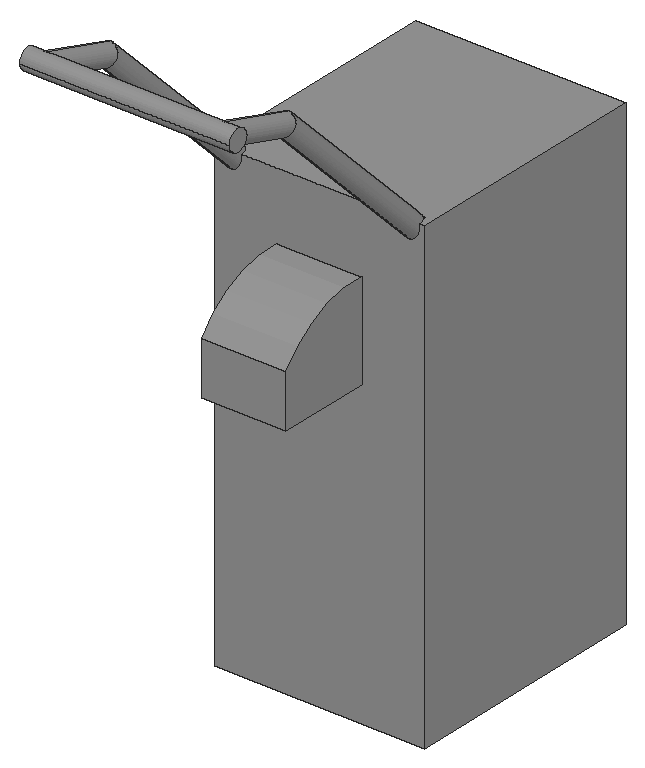
Revit family "Диспенсер локтевой для дезинфецирующих средств", category Оборудование, Revit 2017
Family settings
  Размер круглого соединителя = Использовать диаметр
  Тип детали = Нормальный
  На основе рабочей плоскости = Нет
  Всегда вертикально = Да
  При загрузке вырезать с полостями = Нет
  Общий = Нет
  Точка расчета площади = Нет
Parameters (values of type "320х240х100")
  Общ_Ширина = 100.0 mm
  Общ_Тип, марка = "ДУ 010"
  Общ_Примечание = ""
  Общ_Поставщик = "БелАсептика"
  Общ_Позиция = "36"
  Общ_Наименование = "Дозатор локтевой для жидкого мыла и дезинфецирующих средств"
  Общ_Масса = ""
  Общ_Код продукции = ""
  Общ_Единицы измерения = "шт."
  Общ_Глубина = 240.0 mm
  Общ_Высота = 320.0 mm
  Keynote = ""
  Manufacturer = ""
  Model = ""
Reference planes
  plane 1 "По центру (Вперед/Назад)": y = 0
  plane 2: z = 0
  plane 3 "По центру (Влево/Вправо)": x = 0
  plane 4: x = -50
  plane 5: x = 50
  plane 6: y = 120
  plane 7: y = -120
  plane 8: z = 320
Forms (mm)
  Extrusion 1, solid, material "Пластмасса, непрозрачная, белая", detail levels medium+fine
    sketch origin (0, 0, 0) x (1, 0, 0) y (0, 1, 0)
      loop
        line (-50, 120) -> (-50, 0) -> (50, 0) -> (50, 120) -> (-50, 120)
    from 0 to 223.429
  Sweep 2, solid, material "Пластмасса, непрозрачная, белая", detail levels medium+fine
    path origin (0, 8.75, -11.25) x (0, 1, 0) y (0, 0, 1)
      loop
        line (15.925, 209.121) -> (-83.07, 308.116) -> (-120, 320)
    profile origin (0, -24.822, 247.369) x (0, -0.707107, -0.707107) y (1, 0, 0)
      loop
        circle (0, -42.5) r 5
  Extrusion 3, solid, material "Пластмасса, непрозрачная, белая", detail levels medium+fine
    sketch origin (0, 0, 0) x (0, 1, 0) y (0, 0, 1)
      loop
        circle (-111.25, 308.75) r 5
    from -50 to 50
  Sweep 4, solid, material "Пластмасса, непрозрачная, белая", detail levels medium+fine
    path origin (0, 8.75, -11.25) x (0, 1, 0) y (0, 0, -1)
      loop
        line (15.925, -209.121) -> (-83.07, -308.116) -> (-120, -320)
    profile origin (0, -24.822, 247.369) x (0, 0.707107, 0.707107) y (-1, 0, 0)
      loop
        circle (0, -42.5) r 5
  Extrusion 5, solid, material "Пластмасса, непрозрачная, белая", detail levels medium+fine
    sketch origin (0, 0, 0) x (0, 1, 0) y (0, 0, 1)
      loop
        line (0, 145) -> (0, 190.984)
        arc (0, 190.984) -> (-25.29, 186.476) -> (-45, 170) r 49.977
        line (-45, 170) -> (-45, 145) -> (0, 145)
    from -20.222 to 20
Lines and regions (mm)
  symbolic lines, detail levels coarse+medium
    curve 1: line (50, -120, 0) -> (-50, -120, 0)
    curve 2: line (50, 120, 0) -> (50, -120, 0)
    curve 3: line (-50, 120, 0) -> (50, 120, 0)
    curve 4: line (-50, -120, 0) -> (-50, 120, 0)
    curve 5: line (-13.163, -120, 0) -> (0, -101.201, 0)
    curve 6: line (13.163, -120, 0) -> (0, -101.201, 0)
Dimensions and locks
  equal spacing: plane 4, plane 3 "По центру (Влево/Вправо)", plane 5
  "Общ_Ширина": plane 4 to plane 5
  equal spacing: plane 6, plane 1 "По центру (Вперед/Назад)", plane 7
  "Общ_Глубина": plane 6 to plane 7
  "Общ_Высота": plane 8 to plane 2
  aligned and locked: level to plane 2
Automatic sketch dimensions
  curve 1 to plane 4 = 0.0 mm
  curve 5 to plane 7 = 0.0 mm
  curve 5 to plane 3 "По центру (Влево/Вправо)" = 0.0 mm
  curve 2 to plane 5 = 0.0 mm
  curve 3 to plane 6 = 0.0 mm
  plane 7 to curve 5 = 18.799 mm
  curve 5 to plane 3 "По центру (Влево/Вправо)" = 13.163 mm
  plane 3 "По центру (Влево/Вправо)" to curve 6 = 13.163 mm
  plane 1 "По центру (Вперед/Назад)" to Extrusion 1 sketch curve = 0.0 mm
  Extrusion 1 sketch curve to plane 4 = 0.0 mm
  Extrusion 1 sketch curve to plane 5 = 0.0 mm
  Extrusion 1 sketch curve to plane 6 = 0.0 mm
  plane 7 to Sweep 2 sketch curve = 45.68 mm
  Sweep 2 sketch curve to plane 8 = 23.134 mm
  plane 7 to Sweep 2 sketch curve = 8.75 mm
  Sweep 2 sketch curve to plane 1 "По центру (Вперед/Назад)" = 24.675 mm
  Sweep 2 sketch curve to plane 8 = 122.129 mm
  Sweep 2 sketch curve to plane 8 = 11.25 mm
  Sweep 2 sketch curve to profile plane = 0.0 mm
  Sweep 2 sketch curve to plane 3 "По центру (Влево/Вправо)" = 42.5 mm
  plane 7 to Extrusion 3 sketch curve = 8.75 mm
  Extrusion 3 sketch curve to plane 8 = 11.25 mm
  plane 7 to Sweep 4 sketch curve = 45.68 mm
  Sweep 4 sketch curve to plane 8 = 23.134 mm
  plane 7 to Sweep 4 sketch curve = 8.75 mm
  Sweep 4 sketch curve to plane 1 "По центру (Вперед/Назад)" = 24.675 mm
  Sweep 4 sketch curve to plane 8 = 11.25 mm
  Sweep 4 sketch curve to plane 8 = 122.129 mm
  profile plane to Sweep 4 sketch curve = 0.0 mm
  Sweep 4 sketch curve to profile plane = 42.5 mm
  Extrusion 5 sketch curve to plane 1 "По центру (Вперед/Назад)" = 0.0 mm
  plane 1 "По центру (Вперед/Назад)" to Extrusion 5 sketch curve = 4.169 mm
  plane 1 "По центру (Вперед/Назад)" to Extrusion 5 sketch curve = 45.0 mm
  level to Extrusion 5 sketch curve = 141.182 mm
  Extrusion 5 sketch curve to Extrusion 5 sketch curve = 3.818 mm
  Extrusion 5 sketch curve to Extrusion 5 sketch curve = 25.0 mm
  radius of Sweep 2 sketch curve = 5.0 mm
  radius of Extrusion 3 sketch curve = 5.0 mm
  radius of Sweep 4 sketch curve = 5.0 mm
